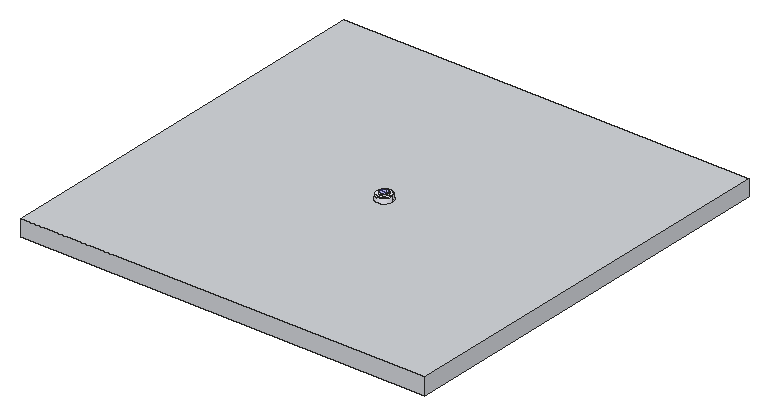
Revit family "PD3-AP types Avec hôte", category Dispositifs d'éclairage, Revit 2019
Family settings
  Hôte = Face
  Conserver l'orientation des annotations = Oui
  Cote de connecteur circulaire = Utiliser le diamètre
  Type d'élément = Normal
  Couper avec des vides une fois chargée = Non
  Partagée = Non
  Point de calcul de pièce = Non
Parameters (values of type "01- PD3-AP Générique")
  Zone de detection [instance] = no
  Zone assise [instance] = Position en hauteur < 300.1 cm  # yes
  URL = "http://www.luxomat.com"
  Type de Sortie = ""
  Température ambiante = "-25°C à +50°C"
  Référence = ""
  Relais = ""
  Position en hauteur [instance] = 250 cm
  Portée frontale [instance] = Position en hauteur * 2.4  # 600 cm
  Portée de biais [instance] = Position en hauteur * 4  # 1000 cm
  Modèle = "PD3-AP"
  Mode de pose = "Saillie"
  Marque = "LUXOMAT"
  Image du type = 360°.jpg
  IP = "44"
  Hauteur de montage max préconisée [instance] = Hauteur de montage max  # 300 cm
  Hauteur de montage max = 300 cm
  Fabricant = "B.E.G."
  Etiquette [instance] = yes
  Default Elevation = 0 cm
  Consommation = ""
  Commentaires du type = "DET.MOUV.360°/Ø10M APPARENT"
  Code d'assemblage = "D5010200"
  Classe = "II"
  Charge LED = ""
  Charge Cos ɸ =1 = ""
  Charge Cos ɸ =0.5 = ""
  Alimentation = "110-240 V AC"
  Activitée assise [instance] = Position en hauteur * 1.6  # 400 cm
Types (5, lengths in cm): name | Type de Sortie | Référence | Relais | Modèle | Consommation | Commentaires du type | Charge LED | Charge Cos ɸ =1 | Charge Cos ɸ =0.5
  (no name) | "" | "" | "" | "PD3-AP" | "" | "DET.MOUV.360°/Ø10M APPARENT" | "" | "" | ""
  01- PD3-AP Générique | "" | "" | "" | "PD3-AP" | "" | "DET.MOUV.360°/Ø10M APPARENT" | "" | "" | ""
  02- PD3N-1C-AP réf 92190 | "TOR" | "92190" | "10 A" | "PD3N-1C-AP" | "0,25 W" | "DET.MOUV.1 CONTACT.360°/Ø10M APPARENT" | "300 W" | "2300 W" | "1150 VA"
  04- PD3-1C-AP réf 92194 | "TOR" | "92194" | "8,7 A" | "PD3-1C-AP" | "< 1W" | "DET.MOUV.1 CONTACT.360°/Ø10M APPARENT NON TELECOMMANDABLE" | "250 W" | "2000 W" | "1000 VA"
  03- PD3N-1C-MICRO-AP réf  92219 | "TOR" | "92219" | "10 A" | "PD3N-1C-MICRO-AP" | "0,49 W" | "DET.MOUV.1 CONTACT + MICRO.360°/Ø10M APPARENT" | "300 W" | "2300 W" | "1150 VA"
Reference planes (cm)
  plane 1 "Centre (avant/arrière)": y = 0
  plane 2: z = 0
  plane 3 "Centre (gauche/droite)": x = 0
Forms (cm)
  Extrusion 1, solid
    sketch origin (0, 0, 0) x (1, 0, 0) y (0, 1, 0)
      loop
        line (-121.92, 121.92) -> (-121.92, -121.92) -> (121.92, -121.92) -> (121.92, 121.92) -> (-121.92, 121.92)
    from 0 to -10
Dimensions and locks (cm)
  aligned and locked: plane 2 to Extrusion 1
  aligned and locked: level to Extrusion 1
  aligned and locked: nested 2 to plane 2
Nested families (cm)
  nested 1: "Famille1" at (0, 62.5315, 0) x (-1, 0, 0) z (0, 0, 1), modele <- "Modèle", visible <- "Etiquette", référence <- "Référence", type "Famille1"
    with référence "", modele "PD3-AP"
  nested 2: "M8" at (0, 0, 0), type "Standard"
  nested 3: "Plafond 360° 2D" at (0, 0, 0), type "Plafond 360° 2D"
  nested 4: "zone G" at (0, 0, 0) x (1, 0, 0) z (0, 0, -1), visible <- "Zone de detection", activité assise <- "Activitée assise", biais <- "Portée de biais", frontal <- "Portée frontale", Zone assise <- "Zone assise", type "zone G"
    with position 2 240 cm, position 1 400 cm, frontal 600 cm, biais 1000 cm, activité assise 400 cm, Zone assise yes
Connectors (cm)
  electrical at (0, 0, 0)
    settings: on nested 2, index 1, voltage 230 V, apparent load 0 VA, apparent load phase1 0 VA, apparent load phase2 0 VA, apparent load phase3 0 VA, power factor 1, load classification "Eclairage", number of poles 1, system type 31, power factor state 1, is connector primary yes, connector utility no, sub classification motor no, connector description ""
Definition of nested family "M8"
  Reference planes (cm)
    plane 1 "Centre (avant/arrière)": y = 0
    plane 2: z = 0
    plane 3 "Centre (gauche/droite)": x = 0
    plane 4: y = 0
  Forms (cm)
    Revolve 1, solid
      sketch origin (0, 0, 0) x (-1, 0, 0) y (0, 0, 1)
        loop
          line (0, 0) -> (0, 3.6) -> (-2.45, 3.6) -> (-2.6598, 3.35) -> (-2.6598, 3.1) -> (-4.3661, 2.8) -> (-4.69, 2.4) -> (-4.9, 0) -> (0, 0)
        axis (0, 0) -> (0, 3.6)
      angle from 0 to 360
    Revolve 2, solid
      sketch origin (0, 0, 0) x (-1, 0, 0) y (0, 0, 1)
        loop
          line (0, 3.6) -> (0, 5)
          arc (0, 5) -> (-1.3892, 4.6244) -> (-2.4, 3.6) r 2.7571
          line (-2.4, 3.6) -> (0, 3.6)
        axis (0, 3.6) -> (0, 5)
      angle from 0 to 360
  Lines and regions (cm)
    reference lines
      curve 1: line (0, 0, 0) -> (0, 0, 5)
      curve 2: line (2.45, 0, 3.6) -> (0, 0, 3.6)
      curve 3: line (2.6598, 0, 3.35) -> (2.45, 0, 3.6)
      curve 4: line (2.6598, 0, 3.35) -> (2.6598, 0, 3.1)
      curve 5: line (4.3661, 0, 2.8) -> (2.6598, 0, 3.1)
      curve 6: line (4.69, 0, 2.4) -> (4.3661, 0, 2.8)
      curve 7: line (4.9, 0, 0) -> (4.69, 0, 2.4)
      curve 8: line (0, 0, 0) -> (4.9, 0, 0)
      curve 9: line (0, 0, 5) -> (0, 0, 3.6)
      curve 10: arc (0, 0, 5) -> (1.3892, 0, 4.6244) -> (2.4, 0, 3.6) r 2.7571
      curve 11: line (0, 0, 3.6) -> (2.4, 0, 3.6)
      curve 12: line (0, 0, 0) -> (0, 0, 5)
  Dimensions and locks (cm)
    aligned and locked: level to plane 2
    aligned and locked: Revolve 1 sketch curve to curve 1  (x2)
    aligned and locked: Revolve 1 sketch curve to curve 2
    aligned and locked: Revolve 1 sketch curve to curve 3
    aligned and locked: Revolve 1 sketch curve to curve 4
    aligned and locked: Revolve 1 sketch curve to curve 5
    aligned and locked: Revolve 1 sketch curve to curve 6
    aligned and locked: Revolve 1 sketch curve to curve 7
    aligned and locked: Revolve 1 sketch curve to curve 8
    aligned and locked: Revolve 2 sketch curve to curve 9
    aligned and locked: Revolve 2 sketch curve to curve 10
    aligned and locked: Revolve 2 sketch curve to curve 11
    aligned and locked: Revolve 2 sketch curve to curve 12
Definition of nested family "Famille1"
  Parameters (values of type "Famille1")
    référence [instance] = ""
    modele [instance] = ""
  Reference planes (cm)
    plane 1: y = 0
    plane 2: x = 0
  Text (cm)
    label "référence\nmodele" at (0.0074, 0.0451, 0), shows "référence", "modele"
Definition of nested family "Plafond 360° 2D"
  Reference planes (cm)
    plane 1: y = 0
    plane 2: x = 0
  Lines and regions (cm)
    Filled region 1, type "rouge"
      outline origin (0, 0, 0) x (1, 0, 0) y (0, 1, 0)
        loop
          circle (0, 0) r 0.0294
    detail lines
      curve 1: arc (-0.1732, 0.1, 0) -> (-0.2, 0, 0) -> (-0.1732, -0.1, 0) r 0.2
      curve 2: arc (-0.1, -0.1732, 0) -> (0, -0.2, 0) -> (0.1, -0.1732, 0) r 0.2
      curve 3: arc (0.1732, -0.1, 0) -> (0.2, 0, 0) -> (0.1732, 0.1, 0) r 0.2
      curve 4: arc (0.1, 0.1732, 0) -> (0, 0.2, 0) -> (-0.1, 0.1732, 0) r 0.2
      curve 5: arc (-0.1375, 0.0794, 0) -> (-0.1588, 0, 0) -> (-0.1375, -0.0794, 0) r 0.1588
      curve 6: arc (-0.0794, -0.1375, 0) -> (0, -0.1588, 0) -> (0.0794, -0.1375, 0) r 0.1588
      curve 7: arc (0.1375, -0.0794, 0) -> (0.1588, 0, 0) -> (0.1375, 0.0794, 0) r 0.1588
      curve 8: arc (0.0794, 0.1375, 0) -> (0, 0.1588, 0) -> (-0.0794, 0.1375, 0) r 0.1588
      curve 9: arc (-0.1019, 0.0588, 0) -> (-0.1176, 0, 0) -> (-0.1019, -0.0588, 0) r 0.1176
      curve 10: arc (-0.0588, -0.1019, 0) -> (0, -0.1176, 0) -> (0.0588, -0.1019, 0) r 0.1176
      curve 11: arc (0.1019, -0.0588, 0) -> (0.1176, 0, 0) -> (0.1019, 0.0588, 0) r 0.1176
      curve 12: arc (0.0588, 0.1019, 0) -> (0, 0.1176, 0) -> (-0.0588, 0.1019, 0) r 0.1176
      curve 13: arc (-0.0294, 0, 0) -> (0, -0.0294, 0) -> (0.0294, 0, 0) r 0.0294
      curve 14: arc (0.0294, 0, 0) -> (0, 0.0294, 0) -> (-0.0294, 0, 0) r 0.0294
Definition of nested family "zone G"
  Parameters (values of type "zone G")
    position 2 [instance] = (frontal / 2) * 0.8  # 240 cm
    position 1 [instance] = ((biais / 2) + (frontal / 2)) / 2  # 400 cm
    frontal [instance] = 600 cm
    biais [instance] = 1000 cm
    activité assise [instance] = 400 cm
    Zone assise [instance] = yes
  Reference planes (cm)
    plane 1 "Centre (avant/arrière)": y = 0
    plane 2: z = 0
    plane 3 "Centre (gauche/droite)": x = 0
    plane 4: x = -400
    plane 5: y = -240
  Lines and regions (cm)
    detail lines, in view "Niveau de réf.", visible <- "Zone assise"
      curve 1: circle (0, 0, 0) r 200 normal (0, 0, 1)
      curve 16: spline (-100.1609, 35.3835, 0) -> (-99.2494, 35.2529, 0) -> (-98.3931, 34.8281, 0) -> (-97.6502, 34.138, 0) -> (-97.0714, 33.2297, 0) -> (-96.6961, 32.165, 0) -> (-96.55, 31.0166, 0) -> (-96.643, 29.8626, 0) -> (-96.9687, 28.7818, 0) -> (-97.5049, 27.8477, 0) -> (-98.2152, 27.1241, 0) -> (-99.051, 26.6602, 0) -> (-99.9555, 26.4877, 0) -> (-100.867, 26.6183, 0) -> (-101.7234, 27.0431, 0) -> (-102.4663, 27.7332, 0) -> (-103.0451, 28.6415, 0) -> (-103.4203, 29.7062, 0) -> (-103.5664, 30.8546, 0) -> (-103.4735, 32.0085, 0) -> (-103.1478, 33.0894, 0) -> (-102.6115, 34.0234, 0) -> (-101.9013, 34.7471, 0) -> (-101.0654, 35.211, 0) -> (-100.1609, 35.3835, 0)
      curve 17: line (-100, 26, 0) -> (-100, 0, 0)
      curve 18: line (-100, 0, 0) -> (-83, 0, 0)
      curve 19: line (-83, 0, 0) -> (-83, -21, 0)
      curve 20: line (-100, 22.2972, 0) -> (-87.1203, 15.4489, 0)
      curve 21: line (-110.5298, 20.3537, 0) -> (-105.6439, -2.6328, 0)
      curve 22: line (-105.6439, -2.6328, 0) -> (-85.0082, -2.6328, 0)
      curve 23: line (-90.8164, -2.6328, 0) -> (-90.8164, -21, 0)
      curve 24: line (-102.3261, -2.6328, 0) -> (-102.3261, -21, 0)
      curve 34: line (-90.8164, 8.5, 0) -> (-64.3164, 8.5, 0)
      curve 35: line (-75.5, -21, 0) -> (-75.5, 8.5, 0)
      curve 36: line (-69, -21, 0) -> (-69, 8.5, 0)
    detail lines, in view "Niveau de réf."
      curve 2: circle (0, 0, 0) r 300 normal (0, 0, 1)
      curve 3: circle (0, 0, 0) r 500 normal (0, 0, 1)
      curve 4: line (-400, -41.4725, 0) -> (-400, 41.4725, 0)
      curve 5: line (-400, 41.4725, 0) -> (-422.1638, 13.1041, 0)
      curve 6: line (-400, 41.4725, 0) -> (-377.8362, 13.1041, 0)
      curve 10: line (0, -294.5767, 0) -> (0, -211.6316, 0)
      curve 11: line (0, -211.6316, 0) -> (-22.1638, -240, 0)
      curve 12: line (0, -211.6316, 0) -> (22.1638, -240, 0)
    detail lines, in view "Niveau de réf.", not visible
      curve 7: line (628.0656, -64.277, 0) -> (628.0656, 18.6681, 0)
      curve 8: line (628.0656, 18.6681, 0) -> (605.9018, -9.7003, 0)
      curve 9: line (628.0656, 18.6681, 0) -> (650.2294, -9.7003, 0)
      curve 13: line (628.0656, -64.277, 0) -> (628.0656, 18.6681, 0)
      curve 14: line (628.0656, 18.6681, 0) -> (605.9018, -9.7003, 0)
      curve 15: line (628.0656, 18.6681, 0) -> (650.2294, -9.7003, 0)
    detail lines, in view "Niveau de réf.", visible <- "Zone assise", not visible
      curve 25: spline (932.3619, 15.8637, 0) -> (933.2734, 15.7331, 0) -> (934.1297, 15.3083, 0) -> (934.8726, 14.6182, 0) -> (935.4514, 13.7099, 0) -> (935.8267, 12.6452, 0) -> (935.9728, 11.4968, 0) -> (935.8798, 10.3428, 0) -> (935.5541, 9.262, 0) -> (935.0179, 8.3279, 0) -> (934.3076, 7.6043, 0) -> (933.4718, 7.1404, 0) -> (932.5673, 6.9679, 0) -> (931.6558, 7.0985, 0) -> (930.7994, 7.5233, 0) -> (930.0565, 8.2134, 0) -> (929.4777, 9.1217, 0) -> (929.1025, 10.1864, 0) -> (928.9564, 11.3348, 0) -> (929.0493, 12.4888, 0) -> (929.375, 13.5696, 0) -> (929.9113, 14.5037, 0) -> (930.6215, 15.2273, 0) -> (931.4574, 15.6912, 0) -> (932.3619, 15.8637, 0)
      curve 26: line (932.5228, 6.4802, 0) -> (932.5228, -19.5198, 0)
      curve 27: line (932.5228, -19.5198, 0) -> (949.5228, -19.5198, 0)
      curve 28: line (949.5228, -19.5198, 0) -> (949.5228, -40.5198, 0)
      curve 29: line (932.5228, 2.7774, 0) -> (945.4025, -4.0709, 0)
      curve 30: line (921.993, 0.8339, 0) -> (926.8789, -22.1526, 0)
      curve 31: line (926.8789, -22.1526, 0) -> (947.5146, -22.1526, 0)
      curve 32: line (941.7064, -22.1526, 0) -> (941.7064, -40.5198, 0)
      curve 33: line (930.1967, -22.1526, 0) -> (930.1967, -40.5198, 0)
      curve 37: line (941.7064, -11.0198, 0) -> (968.2064, -11.0198, 0)
      curve 38: line (957.0228, -40.5198, 0) -> (957.0228, -11.0198, 0)
      curve 39: line (963.5228, -40.5198, 0) -> (963.5228, -11.0198, 0)
  Dimensions and locks (cm)
    "position 1": plane 4 to plane 3 "Centre (gauche/droite)"
    "position 2": plane 5 to plane 1 "Centre (avant/arrière)"
    "activité assise": diameter of curve 1
    "biais": diameter of curve 3
    "frontal": diameter of curve 2
    aligned and locked: plane 4 to curve 4
    aligned and locked: plane 1 "Centre (avant/arrière)" to curve 18
    aligned and locked: curve 10 to plane 3 "Centre (gauche/droite)"
    aligned and locked: plane 5 to curve 12
  Automatic sketch dimensions
    curve 5 to curve 5 = 22.1638 cm
    curve 4 to curve 6 = 22.1638 cm
    curve 6 to curve 5 = 28.3684 cm
    curve 5 to curve 5 = 28.3684 cm
    curve 4 to curve 5 = 54.5767 cm
    curve 8 to curve 8 = 22.1638 cm
    curve 7 to curve 9 = 22.1638 cm
    curve 9 to curve 8 = 28.3684 cm
    curve 8 to curve 8 = 28.3684 cm
    curve 7 to curve 8 = 54.5767 cm
    curve 11 to curve 11 = 22.1638 cm
    curve 10 to curve 12 = 22.1638 cm
    curve 12 to curve 11 = 28.3684 cm
    curve 11 to curve 11 = 28.3684 cm
    curve 10 to curve 11 = 54.5767 cm
    curve 14 to curve 14 = 22.1638 cm
    curve 13 to curve 15 = 22.1638 cm
    curve 15 to curve 14 = 28.3684 cm
    curve 14 to curve 14 = 28.3684 cm
    curve 13 to curve 14 = 54.5767 cm
    curve 21 to curve 17 = 5.6439 cm
    curve 17 to curve 19 = 17 cm
    curve 22 to curve 19 = 2.6328 cm
    curve 21 to curve 20 = 10.5298 cm
    curve 21 to curve 24 = 3.3178 cm
    curve 16 to curve 17 = 0.1609 cm
    curve 16 to curve 16 = 0.1027 cm
    curve 23 to curve 18 = 7.8164 cm
    curve 34 to curve 23 = 0 cm
    curve 34 to curve 20 = 3.6961 cm
    curve 22 to curve 18 = 2.0082 cm
    curve 19 to curve 35 = 7.5 cm
    curve 35 to curve 36 = 6.5 cm
    curve 36 to curve 34 = 4.6836 cm
    curve 35 to curve 22 = 18.3672 cm
    curve 23 to curve 35 = 0 cm
    curve 19 to curve 35 = 0 cm
    curve 35 to curve 36 = 0 cm
    curve 24 to curve 23 = 0 cm
    curve 18 to curve 36 = 8.5 cm
    curve 34 to curve 20 = 6.9489 cm
    curve 17 to curve 21 = 20.3537 cm
    curve 21 to curve 20 = 1.9435 cm
    curve 20 to curve 17 = 3.7028 cm
    curve 17 to curve 16 = 4.9356 cm
    curve 30 to curve 26 = 5.6439 cm
    curve 26 to curve 28 = 17 cm
    curve 31 to curve 28 = 2.6328 cm
    curve 30 to curve 29 = 10.5298 cm
    curve 30 to curve 33 = 3.3178 cm
    curve 25 to curve 26 = 0.1609 cm
    curve 25 to curve 25 = 0.1027 cm
    curve 32 to curve 27 = 7.8164 cm
    curve 37 to curve 32 = 0 cm
    curve 37 to curve 29 = 3.6961 cm
    curve 31 to curve 27 = 2.0082 cm
    curve 28 to curve 38 = 7.5 cm
    curve 38 to curve 39 = 6.5 cm
    curve 39 to curve 37 = 4.6836 cm
    curve 38 to curve 31 = 18.3672 cm
    curve 32 to curve 38 = 0 cm
    curve 28 to curve 38 = 0 cm
    curve 38 to curve 39 = 0 cm
    curve 33 to curve 32 = 0 cm
    curve 27 to curve 39 = 8.5 cm
    curve 37 to curve 29 = 6.9489 cm
    curve 26 to curve 30 = 20.3537 cm
    curve 30 to curve 29 = 1.9435 cm
    curve 29 to curve 26 = 3.7028 cm
    curve 26 to curve 25 = 4.9356 cm
    curve 1 to curve 2 = 0 cm  (x2)
    curve 1 to curve 3 = 0 cm  (x2)
    curve 2 to curve 3 = 0 cm  (x2)
    plane 1 "Centre (avant/arrière)" to curve 2 = 0 cm
    curve 2 to plane 3 "Centre (gauche/droite)" = 0 cm
